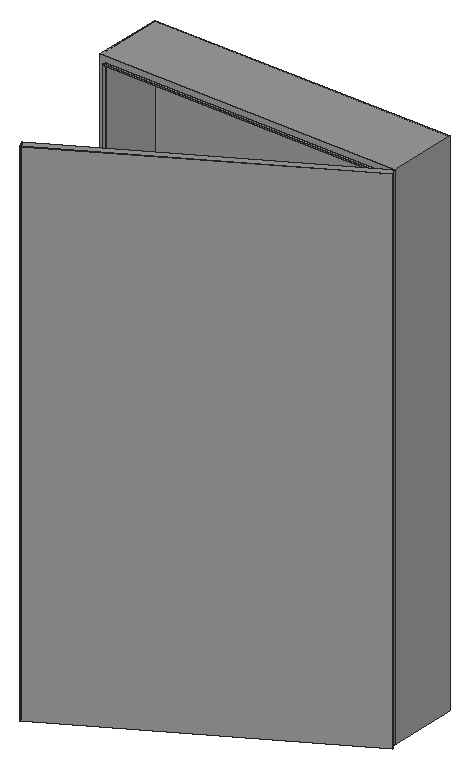
Revit family "Hager-Univers-IP44-D205-H1400-Cl.II-Encl-NoHosted-SE-en", category Equipement électrique, Revit 2020
Family settings
  Configuration du panneau = Deux colonnes, circuits au sein
  Cote de connecteur circulaire = Utiliser le diamètre
  Type d'élément = Tableau de raccordement
  Basée sur le plan de construction = Oui
  Toujours verticalement = Oui
  Couper avec des vides une fois chargée = Non
  Partagée = Non
  Point de calcul de pièce = Non
Parameters (values of type "Surface mounted (plaster) IP44 W800 H1400 D205  - FP93SN2")
  Width Control [instance] = if([EF000008 - Width] > Min Width, [EF000008 - Width], Min Width)  # 800 mm
  Commentaires du type = [HG000003 - Range]  # "Univers"
  Thickness Door [instance] = if([EF009171 - Material plate thickness door/cover] > 3 mm, 3 mm, [EF009171 - Material plate thickness door/cover])  # 1 mm
  Seal Frame Offset [instance] = 17 mm  # constant formula
  Plinth Visibility [instance] = [HG000027 - Plinth height] > 0 mm  # no
  Min Width [instance] = 100 mm  # constant formula
  Min Depth [instance] = (2 * [EF009170 - Material plate thickness cabinet]) + 1 mm  # 3 mm
  Min Height [instance] = 100 mm  # constant formula
  Internal Frame Depth [instance] = (Door System Depth * 0.5)  # 9 mm
  Panel Name [instance] = ""  # (empty or 0)
  Model = ""
  HG000027 - Plinth height = 0 mm
  HG000026 - Floor standing = no
  HG000024 - Bottom section height = 600 mm
  HG000023 - Double section enclosure = no
  HG000016 - Door 3d visibility [instance] = yes
  HG000015 - Clearance visibility [instance] = no
  HG000014 - Door on the right [instance] = yes
  HG000013 - Door on the left [instance] = not([HG000014 - Door on the right])  # no
  HG000012 - Door swing angle [instance] = 30.00°
  HG000010 - Asymmetric doors = no
  HG000009 - Double swing door = no
  HG000006 - Flush mounted = no
  HG000004 - Manufacturer reference = "FP93SN2"
  HG000003 - Range = "Univers"
  HG000002 - With door or cover = yes
  Frame Offset Bottom [instance] = 10 mm  # constant formula
  Frame Offset [instance] = 15 mm  # constant formula
  EF015940 - Cover with overpressure release = no
  EF011959 - Degree of protection (NEMA) = ""
  EF009554 - Number of openings for flange plates = 6
  EF009212 - Cover model = "EV000116 - Closed"
  EF009171 - Material plate thickness door/cover = 1 mm
  EF009170 - Material plate thickness cabinet = 1 mm
  EF008873 - Nominal current (In) = 250 A
  EF007800 - Suitable for lightning protection = no
  EF006306 - With lock = no
  EF006244 - Transparent cover/door = no
  EF005474 - Degree of protection (IP) = "EV006418 - IP44"
  EF004464 - Type of door = "EV002646 - Single"
  EF004427 - Number of modules = 324
  EF004293 - Impact strength = "EV006815 - IK09"
  EF003532 - Suitable for outdoor use = no
  EF002950 - Width in number of modular spacings = 36
  EF001613 - Circuit integrity = "EV000494 - None"
  EF001596 - Material housing = "EV000179 - Steel"
  EF001131 - Internal depth = 143 mm
  EF001088 - Extension possible = yes
  EF000437 - Number of conduit inlets = 6
  EF000339 - Type of cover = "EV001012 - Cover"
  EF000266 - Number of rows = 9
  EF000218 - Built-in depth = 205 mm
  EF000118 - With mounting plate = no
  EF000116 - RAL-number = "9010"
  EF000049 - Depth = 205 mm
  EF000040 - Height = 1400 mm
  EF000008 - Width = 800 mm
  EF000007 - Colour = "EV000202 - White"
  EF000003 - Mounting method = "EV000384 - Surface mounted (plaster)"
  Door System Leaf Tolerance [instance] = 1.5 mm  # constant formula
  Door System Depth [instance] = 18 mm  # constant formula
  Door Height [instance] = Height Control - [HG000027 - Plinth height]  # 1400 mm
  Description = ""
  Default Elevation = 1219.2 mm
  Connector Offset [instance] = Height Control / 2  # 700 mm
  Fabricant = "Hager"  # constant formula
  Height Control [instance] = if([EF000040 - Height] > Min Height, [EF000040 - Height], Min Height)  # 1400 mm
  Depth Control [instance] = if([EF000049 - Depth] > Min Depth, [EF000049 - Depth], Min Depth)  # 205 mm
  Bottom Top Plate Trim [instance] = 1.5 mm  # constant formula
  Plinth height Ctrl [instance] = if([HG000027 - Plinth height] > 0 mm, [HG000027 - Plinth height], 12 mm)  # 12 mm
Types (5, lengths in mm): name | Width Control | HG000010 - Asymmetric doors | HG000009 - Double swing door | HG000004 - Manufacturer reference | EF009554 - Number of openings for flange plates | EF004464 - Type of door | EF004427 - Number of modules | EF002950 - Width in number of modular spacings | EF001131 - Internal depth | EF000437 - Number of conduit inlets | EF000339 - Type of cover | EF000008 - Width
  Surface mounted (plaster) IP44 W1050 H1400 D205  - FP94SN2 | 1050 | no | yes | "FP94SN2" | 8 | "EV003602 - Double" | 432 | 48 | 143 | 8 | "EV001012 - Cover" | 1050
  Surface mounted (plaster) IP44 W1300 H1400 D205  - FP95SN2 | 1300 | yes | yes | "FP95SN2" | 10 | "EV003602 - Double" | 540 | 60 | 130 | 10 | "EV004216 - Door" | 1300
  Surface mounted (plaster) IP44 W300 H1400 D205  - FP91SN2 | 300 | no | no | "FP91SN2" | 2 | "EV002646 - Single" | 108 | 12 | 143 | 2 | "EV001012 - Cover" | 300
  Surface mounted (plaster) IP44 W550 H1400 D205  - FP92SN2 | 550 | no | no | "FP92SN2" | 4 | "EV002646 - Single" | 216 | 24 | 143 | 4 | "EV001012 - Cover" | 550
  Surface mounted (plaster) IP44 W800 H1400 D205  - FP93SN2 | 800 | no | no | "FP93SN2" | 6 | "EV002646 - Single" | 324 | 36 | 143 | 6 | "EV001012 - Cover" | 800
Reference planes
  plane 1 "Center (Front/Back)": y = 0
  plane 2: z = 0
  plane 3 "Center (Left/Right)": x = 0
  plane 4: y = 0
  plane 5: y = 0
  plane 6: z = 0
  plane 7: x = -400
  plane 8: x = 400
  plane 9: x = 399
  plane 10: x = -399
  plane 11: z = 0
  plane 12: z = 1
  plane 13: y = -205
  plane 14: y = -1
  plane 15: x = 0
  plane 16: y = -187
  plane 17: y = -204
  plane 18: y = -186
  plane 19: x = -384
  plane 20: x = 384
  plane 21: z = 11
  plane 22: x = -383
  plane 23: x = 383
  plane 24: z = 0
  plane 25: z = 1400
  plane 26: z = 1400
  plane 27: z = 1384
  plane 28: z = 1399
Forms (mm)
  Extrusion 1, solid, material "Hager_Steel_RAL7035_Light_Grey", detail levels medium+fine
    sketch origin (-208.679, -4572, 0) x (-1, 0, 0) y (0, -1, 0)
      loop
        line (191.321, -4385) -> (-608.679, -4385) -> (-608.679, -4572) -> (191.321, -4572) -> (191.321, -4385)
    from 0 to 1400
  Extrusion 2, void
    sketch origin (-350.771, -205, 1219.2) x (1, 0, 0) y (0, 0, 1)
      loop
        line (-48.229, 179.8) -> (-48.229, -1218.2) -> (749.771, -1218.2) -> (749.771, 179.8) -> (-48.229, 179.8)
    from -19 to -204
  Extrusion 3, void
    sketch origin (-290.084, -187, 1219.2) x (1, 0, 0) y (0, 0, 1)
      loop
        line (-93.916, -1208.2) -> (674.084, -1208.2) -> (674.084, 164.8) -> (-93.916, 164.8) -> (-93.916, -1208.2)
    from 0 to -1
  Extrusion 4, solid, material "Hager_Steel_RAL7035_Light_Grey", visible <- "Plinth Visibility", detail levels medium+fine
    sketch origin (0, 0, 0) x (1, 0, 0) y (0, 1, 0)
      loop
        line (-400, 0) -> (-400, -187) -> (400, -187) -> (400, 0) -> (-400, 0)
    from 0 to 12 <- "Plinth height Ctrl"
  Extrusion 5, solid, material "Hager_Steel_RAL7035_Light_Grey", detail levels coarse
    sketch origin (0, 0, 0) x (1, 0, 0) y (0, 1, 0)
      loop
        line (-400, 0) -> (-400, -205) -> (400, -205) -> (400, 0) -> (-400, 0)
    from 0 to 1400 <- "Height Control"
  Sweep 6, void
    path in 3D
      loop
        line (-400, -187, 12) -> (400, -187, 12) -> (400, 0, 12) -> (-400, 0, 12) -> (-400, -187, 12)
    profile origin (-400, -93.5, 12) x (1, 0, 0) y (0, 0, 1)
      loop
        line (0, 0) -> (0, -1.5) -> (1.5, -1.5)
        arc (1.5, -1.5) -> (1.061, -0.439) -> (0, 0) r 1.5
  Extrusion 7, solid, material "Hager_Steel_RAL7035_Light_Grey", detail levels fine
    sketch origin (-400, -187, 0) x (1, 0, 0) y (0, 0, 1)
      loop
        line (16, 11) -> (784, 11) -> (784, 1384) -> (16, 1384) -> (16, 11)
      loop
        line (15, 10) -> (785, 10) -> (785, 1385) -> (15, 1385) -> (15, 10)
    from 0 to 9 <- "Internal Frame Depth"
Cuts and joins
  Extrusion 2, Extrusion 3 cuts Extrusion 1
  Sweep 6 cuts Extrusion 4
Lines and regions (mm)
  Masking region 1
    outline origin (0, 0, 0) x (1, 0, 0) y (0, 1, 0)
      loop
        line (-400, 0) -> (-400, -205) -> (400, -205) -> (400, 0) -> (-400, 0)
  Masking region 2, detail levels coarse
    outline origin (-290.084, -187, 1219.2) x (-1, 0, 0) y (0, 0, 1)
      loop
        line (-690.084, -1219.2) -> (109.916, -1219.2) -> (109.916, 180.8) -> (-690.084, 180.8) -> (-690.084, -1219.2)
  Masking region 3, detail levels coarse
    outline origin (0, 0, 0) x (0, 1, 0) y (0, 0, 1)
      loop
        line (0, 0) -> (0, 1400) -> (-205, 1400) -> (-205, 0) -> (0, 0)
  Masking region 4, visible <- "Plinth Visibility", detail levels medium+fine
    outline origin (0, 0, 0) x (0, 1, 0) y (0, 0, 1)
      loop
        line (-1.5, 12) -> (-185.5, 12)
        arc (-185.5, 12) -> (-185.939, 10.939) -> (-187, 10.5) r 1.5
        line (-187, 10.5) -> (-187, 0) -> (0, 0) -> (0, 10.5)
        arc (0, 10.5) -> (-1.061, 10.939) -> (-1.5, 12) r 1.5
  Masking region 5, detail levels medium+fine
    outline origin (0, 0, 594.038) x (0, 1, 0) y (0, 0, 1)
      loop
        line (0, -594.038) -> (0, 805.962) -> (-187, 805.962) -> (-187, -594.038) -> (0, -594.038)
  Masking region 6, detail levels medium+fine
    outline origin (-359.7, -187, 1211.883) x (-1, 0, 0) y (0, 0, 1)
      loop
        line (-759.7, -1211.883) -> (40.3, -1211.883) -> (40.3, 188.117) -> (-759.7, 188.117) -> (-759.7, -1211.883)
  Masking region 7, visible <- "Plinth Visibility", detail levels medium+fine
    outline origin (-320.334, -187, 1041.368) x (-1, 0, 0) y (0, 0, 1)
      loop
        line (-720.334, -1041.368) -> (79.666, -1041.368) -> (79.666, -1030.868)
        arc (79.666, -1030.868) -> (78.606, -1030.429) -> (78.166, -1029.368) r 1.5
        line (78.166, -1029.368) -> (-718.834, -1029.368)
        arc (-718.834, -1029.368) -> (-719.273, -1030.429) -> (-720.334, -1030.868) r 1.5
        line (-720.334, -1030.868) -> (-720.334, -1041.368)
  sketch lines
    curve 1: line (-400, 0, 12) -> (-400, -187, 12)
    curve 2: line (-400, -187, 12) -> (400, -187, 12)
    curve 3: line (400, 0, 12) -> (-400, 0, 12)
    curve 4: line (400, -187, 12) -> (400, 0, 12)
Dimensions and locks
  locked: plane 1 "Center (Front/Back)" to plane 5
  "EF009170 - Material plate thickness cabinet": plane 7 to plane 10
  "EF009170 - Material plate thickness cabinet": plane 8 to plane 9
  equal spacing: plane 7, plane 3 "Center (Left/Right)", plane 8
  "Width Control": plane 7 to plane 8
  "Depth Control": plane 4 to plane 13
  "EF009170 - Material plate thickness cabinet": plane 4 to plane 14
  "Height Control": plane 25 to level
  "HG000027 - Plinth height": plane 11 to level
  "EF009170 - Material plate thickness cabinet": plane 12 to plane 11
  "EF009170 - Material plate thickness cabinet": plane 17 to plane 13
  "EF009170 - Material plate thickness cabinet": plane 18 to plane 16
  "Frame Offset Bottom": plane 21 to plane 12
  "Frame Offset": plane 10 to plane 19
  "Frame Offset": plane 9 to plane 20
  "Door System Depth": plane 16 to plane 13
  "Seal Frame Offset": plane 7 to plane 22
  "Seal Frame Offset": plane 8 to plane 23
  "EF009170 - Material plate thickness cabinet": plane 26 to plane 28
  "Frame Offset": plane 28 to plane 27
  "Connector Offset": plane 2 to connector elem
  "Bottom Top Plate Trim": profile plane to Sweep 6 sketch curve
  "Bottom Top Plate Trim": Sweep 6 sketch curve to Sweep 6 sketch curve
  "Plinth height Ctrl": Masking region 4 sketch curve to level
  "Plinth height Ctrl": Masking region 7 sketch curve to level
  "Thickness Door": Extrusion 7 sketch curve to Extrusion 7 sketch curve  (x4)
  "Bottom Top Plate Trim": radius of Sweep 6 sketch curve
  "Bottom Top Plate Trim": radius of Masking region 4 sketch curve  (x2)
  "Bottom Top Plate Trim": radius of Masking region 7 sketch curve  (x2)
  aligned and locked: Extrusion 2 sketch curve to plane 12
  aligned and locked: Extrusion 2 sketch curve to plane 9
  aligned and locked: Extrusion 2 sketch curve to plane 10
  aligned and locked: Extrusion 2 to plane 14
  aligned and locked: Extrusion 1 sketch curve to plane 4
  aligned and locked: plane 8 to Extrusion 1 sketch curve
  aligned and locked: plane 7 to Extrusion 1 sketch curve
  aligned and locked: Extrusion 2 to plane 18
  aligned and locked: Extrusion 3 sketch curve to plane 19
  aligned and locked: plane 20 to Extrusion 3 sketch curve
  aligned and locked: Extrusion 3 to Extrusion 2
  aligned and locked: Extrusion 3 sketch curve to plane 21
  aligned and locked: plane 3 "Center (Left/Right)" to nested 1
  aligned and locked: Extrusion 1 sketch curve to plane 16
  aligned and locked: Extrusion 4 sketch curve to cut or joined group of Extrusion 1, Extrusion 2, Extrusion 3
  aligned and locked: Masking region 1 sketch curve to plane 7
  aligned and locked: Masking region 1 sketch curve to plane 5
  aligned and locked: Masking region 1 sketch curve to plane 8
  aligned and locked: Masking region 2 sketch curve to level
  aligned and locked: level to Masking region 3 sketch curve
  aligned and locked: plane 1 "Center (Front/Back)" to Masking region 3 sketch curve
  aligned and locked: plane 13 to Masking region 3 sketch curve
  aligned and locked: plane 5 to Masking region 4 sketch curve
  aligned and locked: Masking region 2 sketch curve to plane 8
  aligned and locked: Masking region 2 sketch curve to plane 7
  aligned and locked: plane 7 to nested 2
  aligned and locked: nested 2 to plane 5
  aligned and locked: plane 5 to Masking region 5 sketch curve
  aligned and locked: plane 26 to Masking region 5 sketch curve
  aligned and locked: Extrusion 5 sketch curve to plane 8
  aligned and locked: Extrusion 5 sketch curve to plane 7
  aligned and locked: Extrusion 5 sketch curve to plane 5
  aligned and locked: Extrusion 3 sketch curve to plane 27
  aligned and locked: Extrusion 2 sketch curve to plane 28
  aligned and locked: Masking region 2 to plane 25
  aligned and locked: Extrusion 4 to plane 16
  aligned and locked: profile plane to Sweep 6 sketch curve
  aligned and locked: Masking region 5 sketch curve to plane 24
  aligned and locked: level to Masking region 4 sketch curve
  aligned and locked: Masking region 1 to plane 13
  aligned and locked: nested 1 to plane 16
  aligned and locked: Masking region 3 to plane 25
  aligned and locked: plane 16 to Masking region 4 sketch curve
  aligned and locked: Masking region 5 sketch curve to plane 16
  aligned and locked: plane 24 to plane 11
  aligned and locked: plane 26 to plane 25
  aligned and locked: plane 26 to cut or joined group of Extrusion 1, Extrusion 2, Extrusion 3
  aligned and locked: nested 1 to plane 24
  aligned and locked: Extrusion 1 to Extrusion 3
  aligned and locked: Masking region 6 sketch curve to plane 8
  aligned and locked: Masking region 6 sketch curve to plane 24
  aligned and locked: Masking region 6 sketch curve to plane 7
  aligned and locked: Masking region 6 sketch curve to plane 26
  aligned and locked: Masking region 7 sketch curve to plane 7
  aligned and locked: level to Masking region 7 sketch curve
  aligned and locked: Masking region 7 sketch curve to plane 8
  aligned and locked: Extrusion 7 sketch curve to cut or joined group of Extrusion 1, Extrusion 2, Extrusion 3  (x4)
Automatic sketch dimensions
  plane 19 to Extrusion 3 sketch curve = 0 mm
  Extrusion 3 sketch curve to plane 20 = 0 mm
  Extrusion 3 sketch curve to plane 21 = 0 mm
  Extrusion 4 sketch curve to plane 7 = 0 mm
  Extrusion 4 sketch curve to plane 8 = 0 mm
  Extrusion 4 sketch curve to plane 16 = 0 mm
  Masking region 1 sketch curve to plane 13 = 0 mm
  Masking region 2 sketch curve to plane 25 = 0 mm
  Masking region 3 sketch curve to plane 25 = 0 mm
  Extrusion 5 sketch curve to plane 13 = 0 mm
  profile plane to Sweep 6 sketch curve = 0 mm
Nested families
  nested 1: "EC000058_Univers_Door" at (0, -187, 0), Double <- "HG000009 - Double swing door", Transparent <- "EF006244 - Transparent cover/door", Angle <- "HG000012 - Door swing angle", Door_Right <- "HG000014 - Door on the right", Assymetrical <- "HG000010 - Asymmetric doors", Door <- "HG000002 - With door or cover", Width_Ctrl <- "Width Control", 3d_Door <- "HG000016 - Door 3d visibility", Clearance <- "HG000015 - Clearance visibility", Door_Left <- "HG000013 - Door on the left", Width <- "Width Control", Door_Depth <- "Door System Depth", Leaf_Tolerance <- "Door System Leaf Tolerance", Height <- "Door Height", Lock_Visibility <- "EF006306 - With lock", Thickness <- "Thickness Door", type "EC000058_Univers_Door", detail levels medium+fine
    with min_wh 3 mm, Width_Ctrl 800 mm, Width 800 mm, Transparent no, Thickness 1 mm, Seal_Material Hager_Rubber, Lock_Visibility no, Lock_Material Hager_Plastic_RAL9005_Jet_Black, Leaf_Width 800 mm, Leaf_Tolerance_External_Sides 0 mm, Leaf_Tolerance 1.5 mm, Leaf_Offset 0 mm, Leaf_Height 1397 mm, Leaf_2_Width 800 mm, Leaf_2_Offset 400 mm, Leaf_1_Width 800 mm, Leaf_1_Offset 400 mm, Height_Ctrl 1400 mm, Height 1400 mm, Glass_Material Hager_Glass, Double_Clearance_Ctrl no, Double no, Door_Right_Ctrl yes, Door_Right yes, Door_Material Hager_Steel_RAL7035_Light_Grey, Door_Left_Ctrl no, Door_Left no, Door_Depth 18 mm, Door yes, Clearance_Material Hager_Clearance, Clearance_Depth 800 mm, Clearance_Ctrl no, Clearance no, Assymetrical no, Angle 30.00°, 3d_Door yes
  nested 2: "Hager_Enclosure_Symbol" at (-400, 0, 0), Height <- "Depth Control", Width <- "Width Control", type "Hager_Enclosure_Symbol"
    with Width_Ctrl 800 mm, Width 800 mm, Height_Ctrl 205 mm, Height 205 mm, A_Width_Int 13.453 mm, A_Width 161.438 mm, A_Height_Ctrl 179.375 mm, A_Height 179.375 mm
Connectors
  electrical at (0, 0, 700)
    settings: on plane 1 "Center (Front/Back)", index 1, voltage 0 V, apparent load 0 VA, apparent load phase1 0 VA, apparent load phase2 0 VA, apparent load phase3 0 VA, power factor 1, load classification "Other", number of poles 1, system type 30, power factor state 1, is connector primary yes, connector utility no, sub classification motor no, connector description ""
Definition of nested family "EC000058_Univers_Door"
  Parameters (values of type "EC000058_Univers_Door")
    min_wh [instance] = (2 * Thickness) + 1 mm  # 11 mm
    Width_Ctrl [instance] = 400 mm
    Width [instance] = 500 mm
    Transparent [instance] = yes
    Thickness [instance] = 5 mm
    Seal_Material [instance] = none
    Lock_Visibility [instance] = yes
    Lock_Material [instance] = none
    Leaf_Width [instance] = if((Width_Ctrl - 2 * Leaf_Tolerance_External_Sides) > 0 mm, (Width_Ctrl - 2 * Leaf_Tolerance_External_Sides), min_wh)  # 400 mm
    Leaf_Tolerance_External_Sides [instance] = 0 mm  # constant formula
    Leaf_Tolerance [instance] = 1.5 mm
    Leaf_Offset [instance] = 0 mm  # constant formula
    Leaf_Height [instance] = if((Height_Ctrl - 2 * Leaf_Tolerance) > 0 mm, (Height_Ctrl - 2 * Leaf_Tolerance), min_wh)  # 497 mm
    Leaf_2_Width [instance] = if(and(and(Double, Assymetrical), Door_Left), (Leaf_Width / 3) - (Leaf_Tolerance / 2), if(and(and(Double, Assymetrical), Door_Right), (Leaf_Width / 3) * 2 - (Leaf_Tolerance / 2), if(and(Double, not(Assymetrical)), (Leaf_Width / 2) - Leaf_Tolerance, Leaf_Width)))  # 400 mm
    Leaf_2_Offset [instance] = if(and(Double, Assymetrical), Leaf_2_Width / 2, if(and(Double, not(Assymetrical)), Leaf_Width / 4, Leaf_Width / 2))  # 200 mm
    Leaf_1_Width [instance] = if(and(and(Double, Assymetrical), Door_Right), (Leaf_Width / 3) - (Leaf_Tolerance / 2), if(and(and(Double, Assymetrical), Door_Left), (Width / 3) * 2 - (Leaf_Tolerance / 2), if(and(Double, not(Assymetrical)), (Leaf_Width / 2) - Leaf_Tolerance, Leaf_Width)))  # 400 mm
    Leaf_1_Offset [instance] = if(and(Double, Assymetrical), Leaf_1_Width / 2, if(and(Double, not(Assymetrical)), Leaf_Width / 4, Leaf_Width / 2))  # 200 mm
    Height_Ctrl [instance] = if(Height > min_wh, Height, min_wh)  # 500 mm
    Height [instance] = 500 mm
    Glass_Material [instance] = none
    Double_Clearance_Ctrl [instance] = and(Double, Clearance)  # no
    Double [instance] = no
    Door_Right_Ctrl [instance] = and(or(Door_Right, Double), Door)  # yes
    Door_Right [instance] = yes
    Door_Material [instance] = none
    Door_Left_Ctrl [instance] = and(or(Door_Left, Double), Door)  # no
    Door_Left [instance] = no
    Door_Depth [instance] = 30 mm
    Door [instance] = yes
    Default Elevation = 1219.2 mm
    Clearance_Material [instance] = none
    Clearance_Depth [instance] = if(Leaf_1_Width > Leaf_2_Width, Leaf_1_Width, Leaf_2_Width)  # 400 mm
    Clearance_Ctrl [instance] = and(not(Double), Clearance)  # yes
    Clearance [instance] = yes
    Assymetrical [instance] = yes
    Angle [instance] = 30.00°
    3d_Door [instance] = yes
  Reference planes
    plane 1 "Center (Front/Back)": y = 0
    plane 2 "Bottom": z = 0
    plane 3 "Center (Left/Right)": x = 0
    plane 4: z = 500
    plane 5: x = -200
    plane 6: x = 200
    plane 7: z = 500
    plane 8: x = -200
    plane 9: z = 0
    plane 10: x = 200
    plane 11: y = 0
    plane 12: z = 1.5
    plane 13: x = -600
    plane 14: y = -400
    plane 15: x = 600
    plane 16: x = 0
    plane 17: x = 0
    plane 18: x = -200
    plane 19: x = 200
    plane 20: z = 498.5
  Forms (mm)
    Extrusion 1, solid, material <- "Clearance_Material", visible <- "Double_Clearance_Ctrl"
      sketch origin (1200, 0, 0) x (1, 0, 0) y (0, 0, -1)
        loop
          line (-1800, -498.5) -> (-600, -498.5) -> (-600, 0) -> (-1800, 0) -> (-1800, -498.5)
      from 0 to -400
  Dimensions and locks
    equal spacing: plane 5, plane 3 "Center (Left/Right)", plane 6
    "Width_Ctrl": plane 5 to plane 6
    "Leaf_Offset": plane 5 to plane 8
    "Leaf_Offset": plane 6 to plane 10
    "Leaf_Offset": plane 9 to level
    "Leaf_Offset": plane 4 to plane 7
    "Height_Ctrl": plane 4 to level
    "Leaf_Tolerance": plane 12 to plane 9
    locked: plane 11 to plane 1 "Center (Front/Back)"
    "Leaf_1_Offset": plane 18 to plane 16
    "Leaf_2_Offset": plane 17 to plane 19
    "Leaf_1_Width": plane 13 to plane 8
    "Leaf_2_Width": plane 10 to plane 15
    "Clearance_Depth": plane 14 to plane 1 "Center (Front/Back)"
    "Leaf_Tolerance_External_Sides": plane 8 to plane 18
    "Leaf_Tolerance_External_Sides": plane 19 to plane 10
    "Leaf_Tolerance": plane 7 to plane 20
    aligned and locked: level to plane 2 "Bottom"
    aligned and locked: nested 1 to plane 16
    aligned and locked: nested 2 to plane 17
    aligned and locked: Extrusion 1 to plane 13
    aligned and locked: plane 15 to Extrusion 1
    aligned and locked: Extrusion 1 to plane 14
    aligned and locked: plane 12 to nested 1
    aligned and locked: nested 2 to plane 12
    aligned and locked: Extrusion 1 to plane 11
    aligned and locked: plane 20 to Extrusion 1
    aligned and locked: nested 2 to plane 11
    aligned and locked: nested 1 to plane 11
  Automatic sketch dimensions
    Extrusion 1 sketch curve to level = 0 mm
    plane 5 to Extrusion 1 sketch curve = 400 mm
    plane 6 to Extrusion 1 sketch curve = 400 mm
    Extrusion 1 sketch curve to plane 4 = 1.5 mm
  Nested families
    nested 1: "EC000058_Univers_Door_Leaf" at (0, 0, 1.5), Width <- "Leaf_1_Width", visible <- "Door_Left_Ctrl", Leaf_Height <- "Leaf_Height", Angle <- "Angle", 3d_Door <- "3d_Door", Transparent <- "Transparent", Clearance Material <- "Clearance_Material", Clearance <- "Clearance_Ctrl", Door_Material <- "Door_Material", Glass_Material <- "Glass_Material", Door_Depth <- "Door_Depth", Lock_Material <- "Lock_Material", Seal_Material <- "Seal_Material", Lock_Visibility <- "Lock_Visibility", Thickness <- "Thickness", type "EC000058_Univers_Door_Leaf"
      with Width 400 mm, Transparent_Glass_Offset 30 mm, Transparent_Ctrl yes, Transparent yes, Thickness 5 mm, Standard no, Seal_Material none, Seal_D2 8 mm, Seal_D1 1 mm, Offset_Internal_Frame 10 mm, Lock_Width 20 mm, Lock_Visibility_3d yes, Lock_Visibility yes, Lock_Thickness_3 3 mm, Lock_Thickness_2 1 mm, Lock_Thickness_1 3 mm, Lock_Radius_Offset_2 16 mm, Lock_Radius_Offset_1 15 mm, Lock_Radius_2 5 mm, Lock_Radius 6 mm, Lock_Offset 5 mm, Lock_Material none, Lock_Height 80 mm, Lock_Cover_Top_Offset_2d 17 mm, Lock_Cover_Height -65 mm, Leaf_Height 497 mm, Internal_Seal_Thickness 8 mm, Internal_Seal_Depth_2 4.5 mm, Internal_Frame_Depth 25 mm, Glass_Thickness -1 mm, Glass_Offset -2 mm, Glass_Material none, Door_Material none, Door_Depth 30 mm, Clearance Material none, Clearance yes, Angle_Ctrl 30.00°, Angle 30.00°, 3d_Door yes
    nested 2: "EC000058_Univers_Door_Leaf" at (0, 0, 1.5) x (-1, 0, 0) z (0, 0, 1), Width <- "Leaf_2_Width", visible <- "Door_Right_Ctrl", Leaf_Height <- "Leaf_Height", Angle <- "Angle", 3d_Door <- "3d_Door", Transparent <- "Transparent", Clearance Material <- "Clearance_Material", Clearance <- "Clearance_Ctrl", Door_Material <- "Door_Material", Glass_Material <- "Glass_Material", Door_Depth <- "Door_Depth", Lock_Material <- "Lock_Material", Seal_Material <- "Seal_Material", Lock_Visibility <- "Lock_Visibility", Thickness <- "Thickness", type "EC000058_Univers_Door_Leaf"
      with Width 400 mm, Transparent_Glass_Offset 30 mm, Transparent_Ctrl yes, Transparent yes, Thickness 5 mm, Standard no, Seal_Material none, Seal_D2 8 mm, Seal_D1 1 mm, Offset_Internal_Frame 10 mm, Lock_Width 20 mm, Lock_Visibility_3d yes, Lock_Visibility yes, Lock_Thickness_3 3 mm, Lock_Thickness_2 1 mm, Lock_Thickness_1 3 mm, Lock_Radius_Offset_2 16 mm, Lock_Radius_Offset_1 15 mm, Lock_Radius_2 5 mm, Lock_Radius 6 mm, Lock_Offset 5 mm, Lock_Material none, Lock_Height 80 mm, Lock_Cover_Top_Offset_2d 17 mm, Lock_Cover_Height -65 mm, Leaf_Height 497 mm, Internal_Seal_Thickness 8 mm, Internal_Seal_Depth_2 4.5 mm, Internal_Frame_Depth 25 mm, Glass_Thickness -1 mm, Glass_Offset -2 mm, Glass_Material none, Door_Material none, Door_Depth 30 mm, Clearance Material none, Clearance yes, Angle_Ctrl 30.00°, Angle 30.00°, 3d_Door yes
  Definition of nested family "EC000058_Univers_Door_Leaf"
    Parameters (values of type "EC000058_Univers_Door_Leaf")
      Width [instance] = 2000 mm
      Transparent_Glass_Offset [instance] = 30 mm
      Transparent_Ctrl [instance] = and(Transparent, [3d_Door])  # yes
      Transparent [instance] = yes
      Thickness [instance] = 5 mm
      Standard [instance] = and(not(Transparent), [3d_Door])  # no
      Seal_Material [instance] = none
      Seal_D2 [instance] = 8 mm  # constant formula
      Seal_D1 [instance] = 1 mm  # constant formula
      Offset_Internal_Frame [instance] = 10 mm  # constant formula
      Lock_Width [instance] = 20 mm  # constant formula
      Lock_Visibility_3d [instance] = and(Lock_Visibility, [3d_Door])  # yes
      Lock_Visibility [instance] = yes
      Lock_Thickness_3 [instance] = 3 mm  # constant formula
      Lock_Thickness_2 [instance] = 1 mm  # constant formula
      Lock_Thickness_1 [instance] = 3 mm  # constant formula
      Lock_Radius_Offset_2 [instance] = Lock_Radius_Offset_1 + 1 mm  # 16 mm
      Lock_Radius_Offset_1 [instance] = 15 mm  # constant formula
      Lock_Radius_2 [instance] = Lock_Radius - 1 mm  # 5 mm
      Lock_Radius [instance] = 6 mm  # constant formula
      Lock_Offset [instance] = 5 mm  # constant formula
      Lock_Material [instance] = none
      Lock_Height [instance] = 80 mm  # constant formula
      Lock_Cover_Top_Offset_2d [instance] = Lock_Radius_Offset_2 + 1 mm  # 17 mm
      Lock_Cover_Height [instance] = -(Lock_Height - Lock_Radius_Offset_1)  # -65 mm
      Leaf_Height [instance] = 2720.336 mm
      Internal_Seal_Thickness [instance] = 8 mm  # constant formula
      Internal_Seal_Depth_2 [instance] = 4.5 mm  # constant formula
      Internal_Frame_Depth [instance] = if(Door_Depth - Thickness > 5 mm, Door_Depth - Thickness, 5 mm)  # 25 mm
      Glass_Thickness [instance] = if(Thickness > 15 mm, Glass_Offset + 10 mm, -1 mm)  # -1 mm
      Glass_Offset [instance] = if(Thickness > 15 mm, -(Thickness + 10 mm) / 2, -2 mm)  # -2 mm
      Glass_Material [instance] = none
      Door_Material [instance] = none
      Door_Depth [instance] = 30 mm
      Default Elevation = 0 mm
      Clearance Material [instance] = none
      Clearance [instance] = yes
      Angle_Ctrl [instance] = if(Angle > 180.00°, 180.00°, Angle)  # 90.00°
      Angle [instance] = 90.00°
      3d_Door [instance] = yes
    Reference planes
      plane 1 "Center (Front/Back)": y = 0
      plane 2: z = 0
      plane 3 "Center (Left/Right)": x = 0
      plane 4: y = 2000
      plane 5: x = -1000
      plane 6: x = 1000
      plane 7: x = -3000
      plane 8: z = 2720.336
      plane 9: z = 30
      plane 10: z = 2690.336
      plane 11: x = 970
      plane 12: x = -970
      plane 13: y = -3
      plane 14: z = 107.833
      plane 15: y = -5
      plane 16: y = -223.314
      plane 17: x = -1000
      plane 18: z = 1360.168
      plane 19: y = 30
    Forms (mm)
      Extrusion 1, solid, material <- "Clearance Material", visible <- "Clearance"
        sketch origin (0, 0, 0) x (1, 0, 0) y (0, 0, 1)
          loop
            line (-3000, 2720.336) -> (-3000, 0) -> (1000, 0) -> (1000, 2720.336) -> (-3000, 2720.336)
        from 0 to -2000
      Extrusion 2, solid, material <- "Door_Material", visible <- "Standard", detail levels medium+fine
        sketch origin (-1000, 0, 0) x (0, 1, 0) y (-1, 0, 0)
          loop
            line (0, 30) -> (0, 25) -> (2000, 25) -> (2000, 30) -> (0, 30)
        from 0 to 2720.336 <- "Leaf_Height"
      Extrusion 3, solid, material <- "Door_Material", visible <- "Transparent_Ctrl", detail levels medium+fine
        sketch origin (-1000, 0, 0) x (0, 1, 0) y (-1, 0, 0)
          loop
            line (0, 25) -> (2000, 25) -> (2000, 30) -> (0, 30) -> (0, 25)
        from 0 to 2720.336 <- "Leaf_Height"
      Extrusion 4, void
        sketch origin (-1025, 2000, 0) x (0, 1, 0) y (0, 0, -1)
          loop
            line (-30, -2690.336) -> (-30, -30) -> (-1970, -30) -> (-1970, -2690.336) -> (-30, -2690.336)
        from 0 to 5 <- "Thickness"
      Sweep 5, solid, material <- "Seal_Material", visible <- "Transparent_Ctrl", detail levels fine
        path in 3D
          loop
            line (-1025, 30, 30) -> (-1025, 30, 2690.336) -> (-1025, 1970, 2690.336) -> (-1025, 1970, 30) -> (-1025, 30, 30)
        profile origin (-1025, 1000, 30) x (1, 0, 0) y (0, 0, 1)
          loop
            line (0, 0) -> (0, -8) -> (1, -8) -> (1, 0) -> (0, 0)
      Extrusion 6, solid, material <- "Glass_Material", visible <- "Transparent_Ctrl", detail levels medium+fine
        sketch origin (-1030, 0, 0) x (0, 1, 0) y (0, 0, -1)
          loop
            line (1970, -2690.336) -> (1970, -30) -> (30, -30) -> (30, -2690.336) -> (1970, -2690.336)
        from -2 <- "Glass_Offset" to -1 <- "Glass_Thickness"
      Extrusion 7, solid, material <- "Door_Material", visible <- "3d_Door", detail levels medium+fine
        sketch origin (-1025, 2000, 0) x (0, -1, 0) y (0, 0, -1)
          loop
            line (0, -2720.336) -> (2000, -2720.336) -> (2000, 0) -> (0, 0) -> (0, -2720.336)
          loop
            line (1995, -5) -> (5, -5) -> (5, -2715.336) -> (1995, -2715.336) -> (1995, -5)
        from 0 to 25 <- "Internal_Frame_Depth"
      Sweep 8, solid, material <- "Seal_Material", visible <- "Transparent_Ctrl", detail levels fine
        path in 3D
          loop
            line (-1025, 0, 0) -> (-1025, 2000, 0) -> (-1025, 2000, 2720.336) -> (-1025, 0, 2720.336) -> (-1025, 0, 0)
        profile origin (-1025, 0, 1360.168) x (1, 0, 0) y (0, 1, 0)
          loop
            line (0, 10) -> (2.975, 10)
            arc (2.975, 10) -> (4.053, 10.447) -> (4.5, 11.525) r 1.525
            line (4.5, 11.525) -> (4.5, 16.527)
            arc (4.5, 16.527) -> (4.069, 17.569) -> (3.027, 18) r 1.473
            line (3.027, 18) -> (0, 18) -> (0, 10)
      Extrusion 9, solid, material <- "Lock_Material", visible <- "Lock_Visibility_3d", detail levels fine
        sketch origin (-1030, 0, 0) x (0, 1, 0) y (0, 0, -1)
          loop
            arc (1993.5, -1400.168) -> (1994.561, -1399.729) -> (1995, -1398.668) r 1.5
            line (1995, -1398.668) -> (1995, -1320.168) -> (1975, -1320.168) -> (1975, -1398.668)
            arc (1975, -1398.668) -> (1975.439, -1399.729) -> (1976.5, -1400.168) r 1.5
            line (1976.5, -1400.168) -> (1993.5, -1400.168)
        from 3 <- "Lock_Thickness_1" to 0
      Blend 10, solid, material <- "Lock_Material", visible <- "Lock_Visibility_3d", detail levels fine
        base sketch origin (-1033, 0, 0) x (0, 1, 0) y (0, 0, -1)
          loop
            line (1975, -1320.168) -> (1975, -1398.668)
            arc (1975, -1398.668) -> (1975.439, -1399.729) -> (1976.5, -1400.168) r 1.5
            line (1976.5, -1400.168) -> (1993.5, -1400.168)
            arc (1993.5, -1400.168) -> (1994.561, -1399.729) -> (1995, -1398.668) r 1.5
            line (1995, -1398.668) -> (1995, -1320.168) -> (1975, -1320.168)
        top sketch origin (-1033, 0, 0) x (0, 1, 0) y (0, 0, -1)
          loop
            line (1976, -1320.168) -> (1976, -1398.668)
            arc (1976, -1398.668) -> (1976.146, -1399.022) -> (1976.5, -1399.168) r 0.5
            line (1976.5, -1399.168) -> (1993.5, -1399.168)
            arc (1993.5, -1399.168) -> (1993.854, -1399.022) -> (1994, -1398.668) r 0.5
            line (1994, -1398.668) -> (1994, -1320.168) -> (1976, -1320.168)
        from 0 to 1 <- "Lock_Thickness_2"
      Blend 11, solid, material <- "Lock_Material", visible <- "Lock_Visibility_3d", detail levels fine
        base sketch origin (-1034, 0, 0) x (0, 1, 0) y (0, 0, -1)
          loop
            line (1978, -1320.168) -> (1978, -1384.168)
            arc (1978, -1384.168) -> (1985, -1391.168) -> (1992, -1384.168) r 7
            line (1992, -1384.168) -> (1992, -1320.168) -> (1978, -1320.168)
        top sketch origin (-1034, 0, 0) x (0, 1, 0) y (0, 0, -1)
          loop
            line (1991, -1320.168) -> (1979, -1320.168) -> (1979, -1383.168)
            arc (1979, -1383.168) -> (1985, -1389.168) -> (1991, -1383.168) r 6
            line (1991, -1383.168) -> (1991, -1320.168)
        from 0 to 3 <- "Lock_Thickness_3"
      Extrusion 12, solid, material <- "Lock_Material", visible <- "Lock_Visibility_3d", detail levels fine
        sketch origin (-1030, 1975, 1320.168) x (1, 0, 0) y (0, -1, 0)
          loop
            line (-7, -19) -> (-7, -1) -> (0, -1) -> (0, 0) -> (-8, 0) -> (-8, -20) -> (0, -20) -> (0, -19) -> (-7, -19)
        from 0 to -65 <- "Lock_Cover_Height"
      Extrusion 13, void
        sketch origin (-1038, 1995, 1320.168) x (-1, 0, 0) y (0, 0, -1)
          loop
            line (-5, -65) -> (0, -65) -> (-5, -60) -> (-5, -65)
        from 0 to 20 <- "Lock_Width"
      Extrusion 14, void
        sketch origin (-1038, 1975, 1320.168) x (0, -1, 0) y (0, 0, -1)
          loop
            circle (-10, -15.995) r 6
          loop
            circle (-10, -15.995) r 5
        from 0 to 2
      Extrusion 15, solid, material <- "Lock_Material", visible <- "Lock_Visibility_3d", detail levels medium
        sketch origin (-1030, 0, 0) x (0, 1, 0) y (0, 0, -1)
          loop
            arc (1993.5, -1400.168) -> (1994.561, -1399.729) -> (1995, -1398.668) r 1.5
            line (1995, -1398.668) -> (1995, -1320.168) -> (1975, -1320.168) -> (1975, -1398.668)
            arc (1975, -1398.668) -> (1975.439, -1399.729) -> (1976.5, -1400.168) r 1.5
            line (1976.5, -1400.168) -> (1993.5, -1400.168)
        from 8 to 0
    Cuts and joins
      Extrusion 4 cuts Extrusion 3
      Extrusion 13, Extrusion 14 cuts Extrusion 9
      Extrusion 14 cuts Blend 11
      Extrusion 13, Extrusion 14 cuts Extrusion 12
      joined: Extrusion 9, Blend 10, Blend 11, Extrusion 12
      Extrusion 14 cuts Extrusion 15
    Lines and regions (mm)
      Masking region 1, visible <- "Lock_Visibility", detail levels fine
        outline origin (0, 0, 0) x (0, 1, 0) y (0, 0, 1)
          loop
            line (30, 1320.168) -> (33, 1320.168) -> (33, 1400.168) -> (30, 1400.168) -> (30, 1320.168)
      Masking region 2, visible <- "Lock_Visibility", detail levels fine
        outline origin (0, 3.143, 0) x (0, 1, 0) y (0, 0, 1)
          loop
            line (29.857, 1354.168) -> (30.857, 1354.168) -> (30.857, 1366.168) -> (29.857, 1366.168) -> (29.857, 1354.168)
      Masking region 3, detail levels medium+fine
        outline origin (0, 0, 0) x (0, 1, 0) y (0, 0, 1)
          loop
            line (0, 0) -> (30, 0) -> (30, 2720.336) -> (0, 2720.336) -> (0, 0)
      Masking region 4, detail levels medium+fine
        outline origin (0, 0, 0) x (1, 0, 0) y (0, 0, 1)
          loop
            line (-1000, 2720.336) -> (-1000, 0) -> (1000, 0) -> (1000, 2720.336) -> (-1000, 2720.336)
      Masking region 5, visible <- "Lock_Visibility", detail levels fine
        outline origin (-47.116, 0, 0) x (1, 0, 0) y (0, 0, 1)
          loop
            arc (1024.616, 1399.168) -> (1023.556, 1398.729) -> (1023.116, 1397.668) r 1.5
            line (1023.116, 1397.668) -> (1023.116, 1320.168) -> (1041.116, 1320.168) -> (1041.116, 1397.668)
            arc (1041.116, 1397.668) -> (1040.677, 1398.729) -> (1039.616, 1399.168) r 1.5
            line (1039.616, 1399.168) -> (1024.616, 1399.168)
      Masking region 6, visible <- "Lock_Visibility", detail levels medium+fine
        outline origin (-25, 0, 0) x (1, 0, 0) y (0, 0, 1)
          loop
            arc (1001.5, 1400.168) -> (1000.439, 1399.729) -> (1000, 1398.668) r 1.5
            line (1000, 1398.668) -> (1000, 1320.168) -> (1020, 1320.168) -> (1020, 1398.668)
            arc (1020, 1398.668) -> (1019.561, 1399.729) -> (1018.5, 1400.168) r 1.5
            line (1018.5, 1400.168) -> (1001.5, 1400.168)
      Masking region 7, visible <- "Lock_Visibility", detail levels fine
        outline origin (-73.735, 0, 0) x (1, 0, 0) y (0, 0, 1)
          loop
            line (1051.735, 1382.168) -> (1065.735, 1382.168) -> (1065.735, 1384.168)
            arc (1065.735, 1384.168) -> (1058.735, 1391.168) -> (1051.735, 1384.168) r 7
            line (1051.735, 1384.168) -> (1051.735, 1382.168)
      Masking region 8, visible <- "Lock_Visibility", detail levels fine
        outline origin (-73.735, 0, 0) x (1, 0, 0) y (0, 0, 1)
          loop
            line (1052.735, 1382.168) -> (1064.735, 1382.168) -> (1064.735, 1383.168)
            arc (1064.735, 1383.168) -> (1058.735, 1389.168) -> (1052.735, 1383.168) r 6
            line (1052.735, 1383.168) -> (1052.735, 1382.168)
      Masking region 9, visible <- "Lock_Visibility", detail levels fine
        outline origin (-25, 0, 0) x (1, 0, 0) y (0, 0, 1)
          loop
            line (1020, 1320.168) -> (1020, 1382.168) -> (1000, 1382.168) -> (1000, 1320.168) -> (1020, 1320.168)
      Masking region 10, detail levels medium+fine
        outline origin (0, 0, 0) x (1, 0, 0) y (0, 0, 1)
          loop
            circle (985, 1335.144) r 6
      Masking region 11, detail levels fine
        outline origin (0, 0, 0) x (1, 0, 0) y (0, 0, 1)
          loop
            circle (985, 1335.144) r 5
      Masking region 12, visible <- "Lock_Visibility", detail levels fine
        outline origin (0, 12.767, 0) x (0, 1, 0) y (0, 0, 1)
          loop
            line (20.233, 1320.168) -> (21.233, 1320.168) -> (21.233, 1399.168) -> (20.233, 1400.168) -> (20.233, 1320.168)
      Masking region 13, visible <- "Lock_Visibility", detail levels fine
        outline origin (0, 13.767, -10) x (0, 1, 0) y (0, 0, 1)
          loop
            line (20.233, 1330.168) -> (23.233, 1330.168) -> (23.233, 1399.168) -> (20.233, 1402.168) -> (20.233, 1330.168)
      Masking region 14, visible <- "Lock_Visibility", detail levels fine
        outline origin (0, 12.767, -10) x (0, 1, 0) y (0, 0, 1)
          loop
            line (20.233, 1330.168) -> (25.233, 1330.168) -> (25.233, 1399.305) -> (20.233, 1394.305) -> (20.233, 1330.168)
      Masking region 15, visible <- "Lock_Visibility", detail levels medium
        outline origin (0, 0, 0) x (0, 1, 0) y (0, 0, 1)
          loop
            line (30, 1320.168) -> (38, 1320.168) -> (38, 1400.168) -> (30, 1400.168) -> (30, 1320.168)
      Masking region 16, visible <- "Lock_Visibility", detail levels fine
        outline origin (-1000, 0, 0) x (0, 1, 0) y (-1, 0, 0)
          loop
            line (1975, 30) -> (1995, 30) -> (1995, 38) -> (1975, 38) -> (1975, 30)
          loop
            line (1979, 37) -> (1976, 37) -> (1976, 34) -> (1978, 34) -> (1979, 37)
          loop
            line (1994, 37) -> (1991, 37) -> (1992, 34) -> (1994, 34) -> (1994, 37)
      Masking region 17, visible <- "Lock_Visibility", detail levels medium
        outline origin (-1000, 0, 0) x (0, 1, 0) y (-1, 0, 0)
          loop
            line (1975, 30) -> (1995, 30) -> (1995, 38) -> (1975, 38) -> (1975, 30)
      symbolic lines
        curve 1: line (1000, 0, 0) -> (-3000, 0, 0)
        curve 2: arc (1000, 0, 0) -> (-1000, 2000, 0) -> (-3000, 0, 0) r 2000
        curve 4: line (-1030, 0, 0) -> (-1030, 2000, 0)
      reference lines
        curve 3: line (-1000, 0, 0) -> (-1000, 2000, 0)
      symbolic lines, detail levels medium+fine
        curve 5: line (-1030, 2000, 0) -> (-1025, 2000, 0)
        curve 7: line (-1025, 0, 0) -> (-1030, 0, 0)
        curve 8: line (-1025, 0, 0) -> (-1000, 0, 0)
        curve 9: line (-1000, 0, 0) -> (-1000, 2000, 0)
        curve 10: line (-1000, 2000, 0) -> (-1025, 2000, 0)
      symbolic lines, detail levels fine
        curve 6: line (-1025, 2000, 0) -> (-1025, 0, 0)
      sketch lines
        curve 11: line (-1025, 0, 2720.336) -> (-1025, 0, 0)
        curve 12: line (-1025, 2000, 0) -> (-1025, 0, 0)
        curve 13: line (-1025, 2000, 2720.336) -> (-1025, 2000, 0)
        curve 14: line (-1025, 0, 2720.336) -> (-1025, 2000, 2720.336)
        curve 15: line (-1025, 1970, 30) -> (-1025, 30, 30)
        curve 16: line (-1025, 30, 30) -> (-1025, 30, 2690.336)
        curve 17: line (-1025, 1970, 2690.336) -> (-1025, 1970, 30)
        curve 18: line (-1025, 30, 2690.336) -> (-1025, 1970, 2690.336)
      symbolic lines, visible <- "Transparent", detail levels medium+fine
        curve 19: line (-970, 0, 2690.336) -> (970, 0, 2690.336)
        curve 20: line (-970, 0, 30) -> (-970, 0, 2690.336)
        curve 21: line (970, 0, 30) -> (-970, 0, 30)
        curve 22: line (970, 0, 2690.336) -> (970, 0, 30)
    Dimensions and locks
      "Width": plane 1 "Center (Front/Back)" to plane 4
      equal spacing: plane 5, plane 3 "Center (Left/Right)", plane 6
      "Width": plane 5 to plane 6
      "Width": plane 7 to plane 5
      "Leaf_Height": plane 8 to level
      "Width": curve 5 to curve 3
      "Width": curve 3 to curve 3
      plane 8 to plane 10 = 30 mm
      plane 9 to level = 30 mm
      plane 12 to plane 5 = 30 mm
      plane 6 to plane 11 = 30 mm
      Extrusion 1 to Extrusion 4 sketch curve = 30 mm
      "Transparent_Glass_Offset": curve 3 to Extrusion 4 sketch curve
      "Transparent_Glass_Offset": Extrusion 4 sketch curve to cut or joined group of Extrusion 3, Extrusion 4  (x2)
      cut or joined group of Extrusion 3, Extrusion 4 to Extrusion 6 sketch curve = 30 mm
      "Transparent_Glass_Offset": cut or joined group of Extrusion 3, Extrusion 4 to Extrusion 4 sketch curve
      "Thickness": curve 6 to curve 4
      "Thickness": Extrusion 7 sketch curve to Extrusion 7 sketch curve  (x4)
      "Door_Depth": curve 4 to curve 3
      "Offset_Internal_Frame": profile plane to Sweep 8 sketch curve
      "Internal_Seal_Thickness": Sweep 8 sketch curve to Sweep 8 sketch curve
      "Internal_Seal_Depth_2": profile plane to Sweep 8 sketch curve
      "Seal_D1": profile plane to Sweep 5 sketch curve
      "Seal_D2": profile plane to Sweep 5 sketch curve
      "Thickness": Extrusion 2 sketch curve to Extrusion 2 sketch curve
      equal spacing: Extrusion 9 sketch curve, plane 18, Extrusion 9 sketch curve  (x2)
      equal spacing: Masking region 1 sketch curve, plane 18, Masking region 1 sketch curve
      "Lock_Height": Masking region 1 sketch curve to Masking region 1 sketch curve
      "Lock_Radius": Masking region 2 sketch curve to plane 18 to Masking region 2 sketch curve
      Masking region 2 sketch curve to Masking region 1 = 1 mm
      "Door_Depth": plane 19 to plane 1 "Center (Front/Back)"
      "Lock_Thickness_1": Masking region 1 sketch curve to plane 19
      "Lock_Width": Extrusion 9 sketch curve to Extrusion 9 sketch curve
      "Lock_Height": Extrusion 9 sketch curve to Extrusion 9 sketch curve
      "Lock_Offset": cut or joined group of Extrusion 3, Extrusion 4 to Extrusion 9 sketch curve
      equal spacing: plane 8, plane 18, level
      "Lock_Radius_Offset_1": Blend 11 sketch curve to Blend 10
      locked: Blend 10 to Blend 11 sketch curve at 2  (x2)
      locked: var sketch to Blend 11 sketch curve at 1  (x2)
      "Lock_Radius_Offset_2": Blend 11 sketch curve to Blend 10
      locked: Extrusion 12 sketch curve to Extrusion 12 sketch curve at 1  (x3)
      Masking region 6 sketch curve to Masking region 6 sketch curve = 80 mm
      "Lock_Height": Masking region 6 sketch curve to Masking region 6 sketch curve
      "Lock_Width": Masking region 6 sketch curve to Masking region 6 sketch curve
      locked: Masking region 6 to Masking region 5 sketch curve at 1  (x3)
      locked: Masking region 5 to Masking region 7 sketch curve at 2  (x2)
      "Lock_Radius_Offset_1": Masking region 5 to Masking region 7 sketch curve
      "Lock_Radius_Offset_2": Masking region 5 to Masking region 8 sketch curve
      locked: Masking region 7 to Masking region 8 sketch curve at 1  (x2)
      "Lock_Cover_Top_Offset_2d": Masking region 5 to Masking region 9 sketch curve
      equal spacing: Masking region 9, Masking region 10 sketch curve, Masking region 9
      equal spacing: Masking region 9, Masking region 11 sketch curve, Masking region 9
      Extrusion 15 sketch curve to Extrusion 15 sketch curve = 80 mm
      "Lock_Width": Extrusion 15 sketch curve to Extrusion 15 sketch curve
      "Lock_Height": Extrusion 15 sketch curve to Extrusion 15 sketch curve
      equal spacing: Extrusion 15 sketch curve, plane 18, Extrusion 15 sketch curve
      "Lock_Thickness_3": Masking region 13 sketch curve to Masking region 13 sketch curve
      "Lock_Height": Masking region 12 sketch curve to Masking region 12 sketch curve
      locked: Masking region 13 sketch curve to Masking region 1 at 8
      locked: Masking region 14 sketch curve to Masking region 13 at 1
      locked: Masking region 14 sketch curve to Masking region 1 at 10.863
      "Lock_Height": Masking region 15 sketch curve to Masking region 15 sketch curve
      "Lock_Offset": Extrusion 15 sketch curve to cut or joined group of Extrusion 3, Extrusion 4
      "Lock_Offset": plane 6 to Masking region 6 sketch curve
      radius of Sweep 8 sketch curve = 1.525 mm
      radius of Sweep 8 sketch curve = 1.473 mm
      radius of Extrusion 9 sketch curve = 1.5 mm  (x2)
      "Lock_Radius": radius of Extrusion 14 sketch curve
      "Lock_Radius_2": radius of Extrusion 14 sketch curve
      "Lock_Radius": radius of Masking region 10 sketch curve
      "Lock_Radius_2": radius of Masking region 11 sketch curve
      radius of Extrusion 15 sketch curve = 1.5 mm  (x2)
      "Angle_Ctrl": angle plane 1 "Center (Front/Back)" to curve 3
      locked: Masking region 12 sketch curve to Masking region 12 sketch curve (angle 45.00°)
      locked: Masking region 13 sketch curve to Masking region 13 sketch curve (angle 45.00°)
      locked: Masking region 14 sketch curve to Masking region 14 sketch curve (angle 45.00°)
      aligned and locked: level to plane 2
      aligned and locked: Extrusion 1 to curve 1
      aligned and locked: plane 6 to Extrusion 1
      aligned and locked: Extrusion 1 to plane 1 "Center (Front/Back)"
      aligned and locked: plane 4 to Extrusion 1
      aligned and locked: plane 8 to Extrusion 1
      aligned and locked: curve 7 to Extrusion 2 sketch curve
      aligned and locked: curve 5 to Extrusion 2 sketch curve
      aligned and locked: curve 7 to Extrusion 3 sketch curve
      aligned and locked: Extrusion 3 sketch curve to curve 4
      aligned and locked: Extrusion 3 sketch curve to curve 6
      aligned and locked: Extrusion 3 sketch curve to curve 5
      aligned and locked: curve 9 to curve 3
      aligned and locked: Extrusion 7 sketch curve to cut or joined group of Extrusion 3, Extrusion 4  (x4)
      aligned and locked: plane 17 to curve 3
      aligned and locked: plane 1 "Center (Front/Back)" to curve 3
      aligned and locked: plane 17 to plane 5
      aligned and locked: Sweep 8 sketch curve to profile plane
      aligned and locked: Sweep 5 sketch curve to profile plane  (x2)
      aligned and locked: Masking region 1 to Masking region 2 sketch curve
      aligned and locked: plane 19 to Masking region 1 sketch curve
      aligned and locked: plane 1 "Center (Front/Back)" to Masking region 3 sketch curve
      aligned and locked: plane 19 to Masking region 3 sketch curve
      aligned and locked: level to Masking region 3 sketch curve
      aligned and locked: Masking region 3 sketch curve to plane 8
      aligned and locked: plane 17 to Masking region 4 sketch curve
      aligned and locked: level to Masking region 4 sketch curve
      aligned and locked: Masking region 4 sketch curve to plane 8
      aligned and locked: plane 12 to curve 20
      aligned and locked: plane 10 to curve 19
      aligned and locked: plane 11 to curve 22
      aligned and locked: curve 21 to plane 9
      aligned and locked: Extrusion 2 sketch curve to cut or joined group of Extrusion 3, Extrusion 4
      aligned and locked: Blend 10 sketch curve to Extrusion 9  (x4)
      aligned and locked: Extrusion 9 to Blend 10 sketch curve
      aligned and locked: Blend 10 to Blend 11 sketch curve
      aligned and locked: Extrusion 12 sketch curve to Blend 11
      aligned and locked: Extrusion 12 sketch curve to Extrusion 9  (x4)
      aligned and locked: Masking region 5 sketch curve to Masking region 6
      aligned and locked: Masking region 9 sketch curve to Masking region 6  (x3)
      aligned and locked: Masking region 12 sketch curve to Masking region 1
      aligned and locked: Masking region 13 sketch curve to Masking region 1
      aligned and locked: Masking region 12 to Masking region 14
      aligned and locked: Masking region 14 sketch curve to Masking region 1
      aligned and locked: Masking region 15 sketch curve to Masking region 14
      aligned and locked: Masking region 13 sketch curve to Masking region 12
      aligned and locked: Masking region 16 sketch curve to cut or joined group of Extrusion 14, Extrusion 15  (x4)
      aligned and locked: Masking region 16 sketch curve to cut or joined group of Extrusion 9, Blend 10, Blend 11, Extrusion 12, Extrusion 13, Extrusion 14  (x6)
      aligned and locked: cut or joined group of Extrusion 9, Blend 10, Blend 11, Extrusion 12, Extrusion 13, Extrusion 14 to Masking region 16 sketch curve
      aligned and locked: Masking region 17 sketch curve to cut or joined group of Extrusion 14, Extrusion 15  (x3)
      aligned and locked: Masking region 17 sketch curve to cut or joined group of Extrusion 9, Blend 10, Blend 11, Extrusion 12, Extrusion 13, Extrusion 14
      aligned and locked: Masking region 9 to Masking region 8 sketch curve
      aligned and locked: Masking region 9 to Masking region 7 sketch curve
    Automatic sketch dimensions
      plane 1 "Center (Front/Back)" to curve 2 = 0 mm
      curve 2 to plane 5 = 0 mm
      Extrusion 1 sketch curve to level = 0 mm
      Extrusion 1 sketch curve to plane 7 = 0 mm
      Extrusion 1 sketch curve to plane 6 = 0 mm
      Extrusion 1 sketch curve to plane 8 = 0 mm
      Extrusion 3 to Extrusion 6 sketch curve = 30 mm  (x4)
      Masking region 4 sketch curve to plane 6 = 0 mm
      Blend 10 sketch curve to Extrusion 9 = 1.5 mm
      Blend 10 sketch curve to Extrusion 9 = 1 mm
      Extrusion 13 sketch curve to Extrusion 12 = 0 mm  (x2)
      Extrusion 12 to Extrusion 13 sketch curve = 3 mm
      Extrusion 13 sketch curve to Extrusion 12 = 5 mm
      Extrusion 14 sketch curve to Extrusion 14 sketch curve = 0 mm  (x2)
      Extrusion 14 sketch curve to Extrusion 12 = 10 mm
      Extrusion 14 sketch curve to Extrusion 12 = 15.995 mm
      Masking region 5 sketch curve to Masking region 5 sketch curve = 1.5 mm  (x2)
      Masking region 10 sketch curve to plane 18 = 25.024 mm
      Masking region 11 sketch curve to plane 18 = 25.024 mm
      plane 19 to Masking region 14 sketch curve = 3 mm
      Masking region 16 sketch curve to Masking region 16 sketch curve = 3 mm
      curve 4 to curve 3 = 0 mm
      Blend 10 to Blend 11 sketch curve = 0 mm
      Masking region 6 sketch curve to Masking region 6 sketch curve = 1.5 mm  (x2)
      Masking region 6 sketch curve to plane 18 = 40 mm
      plane 19 to Masking region 12 sketch curve = 3 mm
      Masking region 12 sketch curve to Masking region 12 sketch curve = 1 mm
      Masking region 15 sketch curve to plane 19 = 0 mm
      Masking region 15 sketch curve to plane 18 = 40 mm
      radius of Blend 10 sketch curve to Extrusion 9 = 1 mm
Definition of nested family "Hager_Enclosure_Symbol"
  Parameters (values of type "Hager_Enclosure_Symbol")
    Width_Ctrl [instance] = if(Width > 1 mm, Width, 1 mm)  # 102.27 mm
    Width [instance] = 102.27 mm
    Height_Ctrl [instance] = if(Height > 1 mm, Height, 1 mm)  # 66.5 mm
    A_Width_Int [instance] = if(A_Width / 12 > 2 mm, A_Width / 12, 2 mm)  # 4.364 mm
    A_Width [instance] = if(A_Height_Ctrl * 0.9 > 2 mm, A_Height_Ctrl * 0.9, 2 mm)  # 52.369 mm
    A_Height_Ctrl [instance] = if(A_Height > 2 mm, A_Height, 2 mm)  # 58.188 mm
    Height [instance] = 66.5 mm
    A_Height [instance] = Height - (Height / 8)  # 58.188 mm
  Reference planes
    plane 1 "Centre (avant/arrière)": y = 0
    plane 2: z = 0
    plane 3 "Centre (gauche/droite)": x = 0
    plane 4: x = 52.369
    plane 5: y = 33.042
    plane 6: y = 41.77
    plane 7: y = 66.5
    plane 8: x = 26.184
    plane 9: y = 37.406
    plane 10: x = 102.27
    plane 11: y = 66.5
    plane 12: y = 8.313
  Lines and regions (mm)
    Filled region 1, type "Solid_Black", in view "Niveau de réf."
      outline origin (0, 0, 0) x (1, 0, 0) y (0, 1, 0)
        loop
          line (52.369, 66.5) -> (33.188, 54.536) -> (45.365, 45.006) -> (52.369, 66.5)
    Filled region 2, type "Solid_Black", in view "Niveau de réf."
      outline origin (0, 0, 0) x (1, 0, 0) y (0, 1, 0)
        loop
          line (0, 0) -> (102.27, 0) -> (102.27, 66.5) -> (0, 0)
    detail lines, in view "Niveau de réf."
      curve 1: line (0, 8.313, 0) -> (26.184, 41.77, 0)
      curve 2: line (26.184, 41.77, 0) -> (26.184, 33.042, 0)
      curve 3: line (26.184, 33.042, 0) -> (52.369, 66.5, 0)
  Dimensions and locks
    "A_Width": plane 3 "Centre (gauche/droite)" to plane 4
    equal spacing: plane 3 "Centre (gauche/droite)", plane 8, plane 4
    equal spacing: plane 6, plane 9, plane 5
    equal spacing: curve 3, Filled region 1 sketch curve, Filled region 1 sketch curve
    "Height_Ctrl": plane 1 "Centre (avant/arrière)" to plane 11
    "A_Height_Ctrl": plane 11 to plane 12
    equal spacing: plane 11, plane 9, plane 12
    "A_Width_Int": plane 6 to plane 9
    "Width_Ctrl": plane 3 "Centre (gauche/droite)" to plane 10
    angle Filled region 1 sketch curve to curve 3 = 20.00°
    angle curve 3 to Filled region 1 sketch curve = 20.00°
    locked: curve 3 to Filled region 1 sketch curve (angle 90.00°)
    aligned and locked: plane 10 to Filled region 2
    aligned and locked: plane 11 to Filled region 2 sketch curve
    aligned and locked: plane 10 to Filled region 2 sketch curve
    aligned and locked: plane 3 "Centre (gauche/droite)" to curve 1
    aligned and locked: plane 12 to curve 1
    aligned and locked: plane 7 to plane 11
  Automatic sketch dimensions
    Filled region 1 sketch curve to plane 4 = 0 mm
    Filled region 1 sketch curve to plane 7 = 0 mm
    plane 1 "Centre (avant/arrière)" to Filled region 2 sketch curve = 0 mm
    Filled region 2 sketch curve to plane 3 "Centre (gauche/droite)" = 0 mm
    curve 2 to plane 6 = 0 mm
    curve 2 to plane 8 = 0 mm
    curve 3 to plane 4 = 0 mm
    curve 2 to plane 5 = 0 mm
    curve 3 to plane 7 = 0 mm
